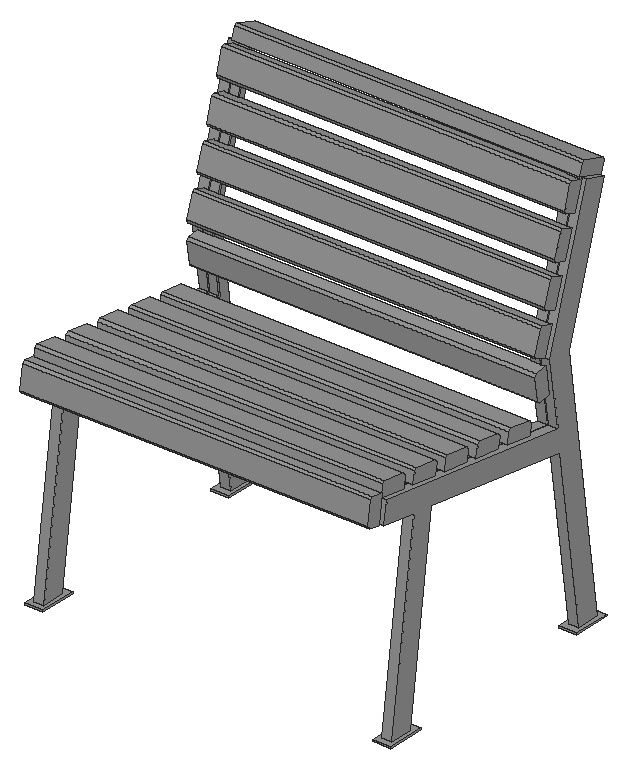
Revit family "Кресло садовое «Модерн без подлокотников» Арт 6748", category Антураж, Revit 2018
Family settings
  На основе рабочей плоскости = Нет
  Всегда вертикально = Да
  При загрузке вырезать с полостями = Нет
  Источник визуального образа = Геометрия семейства
  Общий = Нет
  Точка расчета площади = Нет
Parameters (values of type "Кресло садовое «Модерн без подлокотников»")
  Ширина = 612 mm  # constant formula
  Цвет сидения = Дерево
  Цвет каркаса = Сталь
  Описание = "Кресло садовое «Модерн без подлокотников»"  # constant formula
  Материал изделия = "Сталь, дерево"  # constant formula
  Изображение типоразмера = Кресло садовое «Модерн без подлокотников» Арт 6748.jpg
  Изготовитель = "ООО «Хоббика»"  # constant formula
  Длина = 700 mm  # constant formula
  Группа модели = "Кресла садовые"  # constant formula
  Высота = 835 mm  # constant formula
  Артикул товара = "Арт. 6748"  # constant formula
  URL = "https://hobbyka.ru/product/kreslo_sadovoe_modern_bez_podlokotnikov/"
Reference planes
  plane 1 "По центру (Вперед/Назад)": y = 0
  plane 2: z = 0
  plane 3 "По центру (Влево/Вправо)": x = 0
  plane 4: x = 700
  plane 5: y = 612
  plane 6: z = 835
Dimensions and locks
  "Ширина": plane 5 to plane 1 "По центру (Вперед/Назад)"
  "Длина": plane 3 "По центру (Влево/Вправо)" to plane 4
  "Высота": plane 6 to level
  plane 3 "По центру (Влево/Вправо)" to plane 4 = 700 mm
  plane 6 to level = 835 mm
  aligned and locked: level to plane 2
  aligned and locked: plane 4 to nested 2
  aligned and locked: plane 3 "По центру (Влево/Вправо)" to nested 7
  aligned and locked: nested 9 to nested 10
  aligned and locked: nested 8 to nested 10
  aligned and locked: nested 6 to nested 10
  aligned and locked: nested 5 to nested 10
  aligned and locked: nested 4 to nested 10
  aligned and locked: nested 11 to nested 7
  aligned and locked: nested 12 to nested 7
  aligned and locked: nested 13 to nested 7
  aligned and locked: nested 14 to nested 7
Nested families
  nested 1: "Скамейка стальная «Модерн» опора без ручки" at (0, 45, 0), type "Скамейка стальная «Модерн» опора без ручки"
  nested 2: "Скамейка стальная «Модерн» опора без ручки" at (700, 45, 0) x (-1, 0, 0) z (0, 0, 1), type "Скамейка стальная «Модерн» опора без ручки"
  nested 3: "Скамейка стальная «Модерн» доска" at (0, 42.295, 425.8) x (1, 0, 0) z (0, -0.9903, 0.1392), type "Скамейка стальная «Модерн» доска"
    with Длина доски 700 mm
  nested 4: "Скамейка стальная «Модерн» доска" at (0, 389.531, 396.624) x (1, 0, 0) z (0, 0.1392, 0.9903), type "Скамейка стальная «Модерн» доска"
    with Длина доски 700 mm
  nested 5: "Скамейка стальная «Модерн» доска" at (0, 462.027, 472.995) x (1, 0, 0) z (0, -0.9903, -0.1392), type "Скамейка стальная «Модерн» доска"
    with Длина доски 700 mm
  nested 6: "Скамейка стальная «Модерн» доска" at (0, 464.462, 543.548) x (1, 0, 0) z (0, -0.9511, 0.309), type "Скамейка стальная «Модерн» доска"
    with Длина доски 700 mm
  nested 7: "Скамейка стальная «Модерн» доска" at (0, 570.189, 795.707) x (1, 0, 0) z (0, 0.309, 0.9511), type "Скамейка стальная «Модерн» доска"
    with Длина доски 700 mm
  nested 8: "Скамейка стальная «Модерн» доска" at (0, 489.184, 619.632) x (1, 0, 0) z (0, -0.9511, 0.309), type "Скамейка стальная «Модерн» доска"
    with Длина доски 700 mm
  nested 9: "Скамейка стальная «Модерн» доска" at (0, 513.906, 695.717) x (1, 0, 0) z (0, -0.9511, 0.309), type "Скамейка стальная «Модерн» доска"
    with Длина доски 700 mm
  nested 10: "Скамейка стальная «Модерн» доска" at (0, 538.627, 771.801) x (1, 0, 0) z (0, -0.9511, 0.309), type "Скамейка стальная «Модерн» доска"
    with Длина доски 700 mm
  nested 11: "Скамейка стальная «Модерн» доска" at (0, 310.31, 407.758) x (1, 0, 0) z (0, 0.1392, 0.9903), type "Скамейка стальная «Модерн» доска"
    with Длина доски 700 mm
  nested 12: "Скамейка стальная «Модерн» доска" at (0, 231.088, 418.892) x (1, 0, 0) z (0, 0.1392, 0.9903), type "Скамейка стальная «Модерн» доска"
    with Длина доски 700 mm
  nested 13: "Скамейка стальная «Модерн» доска" at (0, 151.867, 430.026) x (1, 0, 0) z (0, 0.1392, 0.9903), type "Скамейка стальная «Модерн» доска"
    with Длина доски 700 mm
  nested 14: "Скамейка стальная «Модерн» доска" at (0, 72.645, 441.161) x (1, 0, 0) z (0, 0.1392, 0.9903), type "Скамейка стальная «Модерн» доска"
    with Длина доски 700 mm
Definition of nested family "Скамейка стальная «Модерн» опора без ручки"
  Parameters (values of type "Скамейка стальная «Модерн» опора без ручки")
    Цвет каркаса = none
    Height = 0 mm
  Reference planes
    plane 1 "По центру (Вперед/Назад)": y = 0
    plane 2: z = 0
    plane 3 "По центру (Влево/Вправо)": x = 0
  Forms (mm)
    Extrusion 1, solid, material <- "Цвет каркаса"
      sketch origin (0, 0, 0) x (0, 1, 0) y (0, 0, 1)
        loop
          line (13.235, 3) -> (58.678, 3) -> (112.2, 383.834) -> (435.953, 338.333) -> (483.081, 3) -> (528.523, 3) -> (456.849, 512.988) -> (546.464, 788.794) -> (503.666, 802.7) -> (410.841, 517.013) -> (429.438, 384.691) -> (0, 445.045) -> (-6.263, 400.483) -> (67.638, 390.096) -> (13.235, 3)
      from -10 to 10
    Extrusion 2, solid, material <- "Цвет каркаса"
      sketch origin (-308, 0, 0) x (1, 0, 0) y (0, 1, 0)
        loop
          line (326, 467.409) -> (326, 542.909) -> (290, 542.909) -> (290, 467.409) -> (326, 467.409)
        loop
          line (326, 75.5) -> (290, 75.5) -> (290, 0) -> (326, 0) -> (326, 75.5)
      from 0 to 3
    Extrusion 3, solid, material <- "Цвет каркаса"
      sketch origin (0, 0, 0) x (0, 1, 0) y (0, 0, 1)
        loop
          line (410.841, 517.013) -> (429.438, 384.691) -> (0, 445.045) -> (-6.263, 400.483) -> (-4.282, 400.204) -> (1.702, 442.786) -> (431.787, 382.341) -> (412.886, 516.834) -> (504.95, 800.18) -> (545.846, 786.892) -> (546.464, 788.794) -> (503.666, 802.7) -> (410.841, 517.013)
      from 10 to 30
  Dimensions and locks
    aligned and locked: level to plane 2
    aligned and locked: Extrusion 3 to Extrusion 1
Definition of nested family "Скамейка стальная «Модерн» доска"
  Parameters (values of type "Скамейка стальная «Модерн» доска")
    Цвет сидения = none
    Default Elevation = 1219.2 mm
    Длина доски = 1300 mm
    Height = 0 mm
  Types (2): name
    Скамейка стальная «Модерн» доска
    Скамейка стальная «Модерн» доска поручень
  Reference planes
    plane 1 "По центру (Вперед/Назад)": y = 0
    plane 2: z = 0
    plane 3 "По центру (Влево/Вправо)": x = 0
    plane 4: x = 1300
  Forms (mm)
    Extrusion 1, solid, material <- "Цвет сидения"
      sketch origin (0, 336.473, -339.298) x (0, 0.987836, 0.155497) y (0, -0.155497, 0.987836)
        loop
          line (-307.181, 391.83) -> (-252.06, 383.153) -> (-248.445, 406.118) -> (-252.315, 411.435) -> (-298.25, 418.666) -> (-303.566, 414.795) -> (-307.181, 391.83)
      from 0 to 1300
  Dimensions and locks
    "Длина доски": plane 3 "По центру (Влево/Вправо)" to plane 4
    aligned and locked: level to plane 2
    aligned and locked: Extrusion 1 to plane 3 "По центру (Влево/Вправо)"
    aligned and locked: plane 4 to Extrusion 1
  Automatic sketch dimensions
    Extrusion 1 sketch curve to level = 0 mm  (x2)
    plane 1 "По центру (Вперед/Назад)" to Extrusion 1 sketch curve = 27.9 mm
    Extrusion 1 sketch curve to Extrusion 1 sketch curve = 3.615 mm
    Extrusion 1 sketch curve to Extrusion 1 sketch curve = 5.317 mm  (x2)
    Extrusion 1 sketch curve to Extrusion 1 sketch curve = 45.934 mm
    Extrusion 1 sketch curve to Extrusion 1 sketch curve = 0.255 mm
    Extrusion 1 sketch curve to Extrusion 1 sketch curve = 3.87 mm  (x2)
    Extrusion 1 sketch curve to Extrusion 1 sketch curve = 22.965 mm  (x2)
